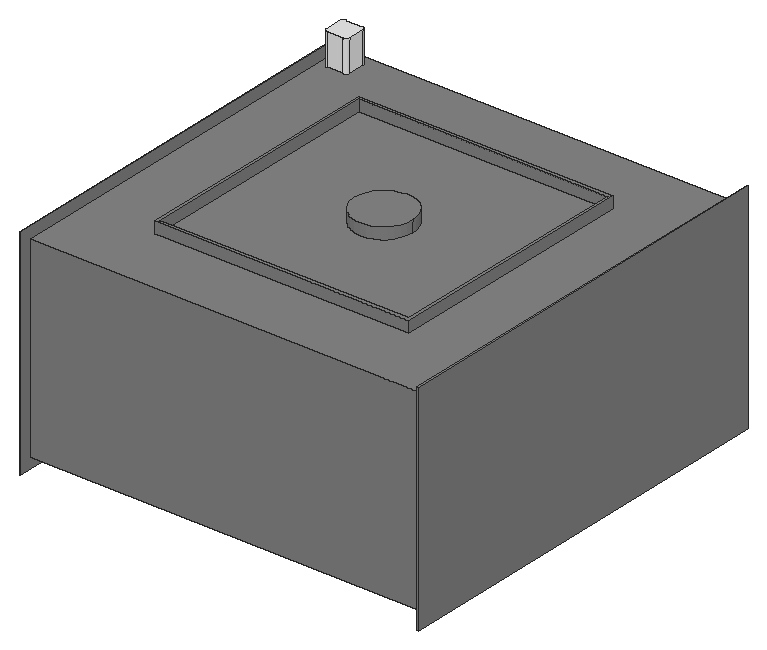
Revit family "НЕВАТОМ_Вентилятор VKPN EC, версия 1", category Оборудование, Revit 2017
Family settings
  Размер круглого соединителя = Использовать диаметр
  Тип детали = Вставляется
  На основе рабочей плоскости = Нет
  Всегда вертикально = Да
  При загрузке вырезать с полостями = Нет
  Общий = Нет
  Точка расчета площади = Нет
Parameters (values of type "VKPN EC 1000-500/56-8D")
  Полное давление = 1110.0 Pa
  Материал = Сталь серая
  Крышка = СВМПЭ, белый
  Коэффициент расхода = 1  # constant formula
  Ключевая пометка = "Вентиляция"
  Nevatom_URL = "https://t.me/NEVATOM_Bim_bot"
  L = 1020 mm
  H = 609 mm
  F = 557 mm
  E = 1054 mm
  B = 500 mm
  ADSK_Частота вращения вентилятора = 1830
  ADSK_Ток = 5.5 A
  ADSK_Расход воздуха = 12900.0 m³/h
  ADSK_Размер_Ширина = L  # 1020 mm
  ADSK_Размер_Длина = E  # 1054 mm
  ADSK_Размер_Высота = H  # 609 mm
  ADSK_Примечание = ""
  ADSK_Полная мощность = 3.53 kW
  ADSK_Позиция = ""
  ADSK_Напряжение = 380 V
  ADSK_Наименование = "Вентилятор канальный прямоугольный с назад загнутыми лопатками"  # constant formula
  ADSK_Материал наименование = "Оцинкованная сталь"  # constant formula
  ADSK_Масса_Текст = "73.3"
  ADSK_Масса = 66.5
  ADSK_Марка = "VKPN EC 1000-500/56-8D"
  ADSK_Количество = 1  # constant formula
  ADSK_Код изделия = ""
  ADSK_Завод-изготовитель = "НЕВАТОМ"  # constant formula
  ADSK_Единица измерения = "шт."  # constant formula
  A = 1000 mm
  2 = 0.15 * A  # 150 mm
  1 = 0.65 * A  # 650 mm
Types (12, lengths in mm): name | Полное давление | L | H | F | E | B | ADSK_Частота вращения вентилятора | ADSK_Ток | ADSK_Расход воздуха | ADSK_Размер_Ширина | ADSK_Размер_Длина | ADSK_Размер_Высота | ADSK_Полная мощность | ADSK_Напряжение | ADSK_Масса_Текст | ADSK_Масса | ADSK_Марка | A | 2 | 1
  VKPN EC 400-200/22-6E | 640.0 Pa | 450 | 283 | 263 | 446 | 200 | 3350 | 1.3 A | 1140.0 m³/h | 450 | 446 | 283 | 0.18 kW | 230 V | "11.06 кг" | 11.06 | "VKPN EC 400-200/22-6E" | 400 | 60 | 260
  VKPN EC 800-500/56-8D | 1110.0 Pa | 830 | 609 | 557 | 854 | 500 | 1830 | 5.5 A | 12900.0 m³/h | 830 | 854 | 609 | 3.53 kW | 380 V | "62.3 кг" | 62.3 | "VKPN EC 800-500/56-8D" | 800 | 120 | 520
  VKPN EC 500-250/25-2E | 530.0 Pa | 490 | 333 | 313 | 546 | 250 | 2800 | 1.8 A | 1380.0 m³/h | 490 | 546 | 333 | 0.27 kW | 230 V | "14.77" | 14.77 | "VKPN EC 500-250/25-2E" | 500 | 75 | 325
  VKPN EC 500-300/25-6E | 845.0 Pa | 530 | 389 | 363 | 546 | 300 | 3100 | 2.38 A | 3050.0 m³/h | 530 | 546 | 389 | 0.54 kW | 230 V | "18.1 кг" | 18.1 | "VKPN EC 500-300/25-6E" | 500 | 75 | 325
  VKPN EC 600-300/25-6E | 830.0 Pa | 640 | 389 | 363 | 646 | 300 | 3100 | 2.38 A | 2900.0 m³/h | 640 | 646 | 389 | 0.54 kW | 230 V | "21.7 кг" | 21.7 | "VKPN EC 600-300/25-6E" | 600 | 90 | 390
  VKPN EC  600-300/28-6D | 1170.0 Pa | 640 | 406 | 363 | 646 | 300 | 3270 | 1.86 A | 3980.0 m³/h | 640 | 646 | 406 | 1.14 kW | 380 V | "21.7 кг" | 21.7 | "VKPN EC 600-300/28-6D" | 600 | 90 | 390
  VKPN EC 600-350/28-6D | 1225.0 Pa | 705 | 456 | 413 | 646 | 350 | 3270 | 1.86 A | 4350.0 m³/h | 705 | 646 | 456 | 1.14 kW | 380 V | "28.2 кг" | 28.2 | "VKPN EC 600-350/28-6D" | 600 | 90 | 390
  VKPN EC 700-400/35-8D | 1050.0 Pa | 787 | 487 | 457 | 754 | 400 | 2530 | 2.7 A | 6500.0 m³/h | 787 | 754 | 487 | 1.7 kW | 380 V | "42.8 кг" | 42.8 | "VKPN EC 700-400/35-8D" | 700 | 105 | 455
  VKPN EC 700-400/28-6D | 1130.0 Pa | 787 | 505 | 457 | 754 | 400 | 3270 | 1.86 A | 4480.0 m³/h | 787 | 754 | 505 | 1.14 kW | 380 V | "44.6 кг" | 42.8 | "VKPN EC 700-400/28-6D" | 700 | 105 | 455
  VKPN EC 900-500/56-8D | 1110.0 Pa | 830 | 609 | 557 | 954 | 500 | 1830 | 5.5 A | 12900.0 m³/h | 830 | 954 | 609 | 3.53 kW | 380 V | "66.5 кг" | 66.5 | "VKPN EC 900-500/56-8D" | 900 | 135 | 585
  VKPN EC 600-350/35-8D | 920.0 Pa | 705 | 448 | 413 | 646 | 350 | 2200 | 1.8 A | 5850.0 m³/h | 705 | 646 | 448 | 1.1 kW | 380 V | "28.2 кг" | 28.2 | "VKPN EC 600-350/35-8D" | 600 | 90 | 390
  VKPN EC 1000-500/56-8D | 1110.0 Pa | 1020 | 609 | 557 | 1054 | 500 | 1830 | 5.5 A | 12900.0 m³/h | 1020 | 1054 | 609 | 3.53 kW | 380 V | "73.3" | 66.5 | "VKPN EC 1000-500/56-8D" | 1000 | 150 | 650
Reference planes
  plane 1 "По центру (Вперед/Назад)": y = 0
  plane 2: z = 0
  plane 3 "По центру (Влево/Вправо)": x = 0
  plane 4: y = 500
  plane 5: y = -527
  plane 6: y = 527
  plane 7: y = -500
  plane 8: z = 278.5
  plane 9: z = 250
  plane 10: z = -278.5
  plane 11: z = -250
  plane 12: x = -510
  plane 13: x = 510
  plane 14: x = -490
  plane 15: x = -507
  plane 16: x = 507
  plane 17: x = -325
  plane 18: x = 325
  plane 19: y = 325
  plane 20: y = -325
  plane 21: x = -318
  plane 22: x = 318
  plane 23: y = 318
  plane 24: y = -318
  plane 25: z = 330.5
  plane 26: y = 480
  plane 27: y = 420
  plane 28: x = -430
Forms (mm)
  Extrusion 1, void, not visible
    sketch origin (-345, -245, 50) x (0, -1, 0) y (0, 0, -1)
      loop
        line (-477.965, -475) -> (-477.965, -450) -> (-528.913, -450) -> (-528.913, -475) -> (-477.965, -475)
    from -47.452 to 12
  Extrusion 2, solid, material "Сталь серая" <- "Материал", detail levels medium+fine
    sketch origin (0, 0, 0) x (0, 1, 0) y (0, 0, 1)
      loop
        line (527, 278.5) -> (-527, 278.5) -> (-527, -278.5) -> (527, -278.5) -> (527, 278.5)
    from 507 to 510
  Extrusion 3, solid, material "Сталь серая" <- "Материал", detail levels medium+fine
    sketch origin (0, 0, 0) x (0, 1, 0) y (0, 0, -1)
      loop
        line (500, -250) -> (500, 250) -> (-500, 250) -> (-500, -250) -> (500, -250)
    from -510 to 510
  Extrusion 4, solid, material "Сталь серая" <- "Материал", detail levels medium+fine
    sketch origin (0, 0, 0) x (0, 1, 0) y (0, 0, -1)
      loop
        line (527, -278.5) -> (527, 278.5) -> (-527, 278.5) -> (-527, -278.5) -> (527, -278.5)
    from 507 to 510
  Extrusion 5, solid, material "Сталь серая" <- "Материал", detail levels medium+fine
    sketch origin (0, 0, 0) x (1, 0, 0) y (0, 1, 0)
      loop
        line (-318, 318) -> (-318, -318) -> (318, -318) -> (318, 318) -> (-318, 318)
      loop
        line (325, -325) -> (325, 325) -> (-325, 325) -> (-325, -325) -> (325, -325)
    from 250 to 278.5
  Extrusion 6, solid, material "Сталь серая" <- "Материал", detail levels medium+fine
    sketch origin (0, 0, 0) x (1, 0, 0) y (0, 1, 0)
      loop
        circle (0, 0) r 75
    from 250 to 278.5
  Extrusion 7, solid, material "СВМПЭ, белый" <- "Крышка", detail levels medium+fine
    sketch origin (0, 0, 0) x (1, 0, 0) y (0, 1, 0)
      loop
        arc (-480, 480) -> (-487.071, 477.071) -> (-490, 470) r 10
        line (-490, 470) -> (-490, 430)
        arc (-490, 430) -> (-487.071, 422.929) -> (-480, 420) r 10
        line (-480, 420) -> (-440, 420)
        arc (-440, 420) -> (-432.929, 422.929) -> (-430, 430) r 10
        line (-430, 430) -> (-430, 470)
        arc (-430, 470) -> (-432.929, 477.071) -> (-440, 480) r 10
        line (-440, 480) -> (-480, 480)
    from 250 to 330.5
Cuts and joins
  joined: Extrusion 2, Extrusion 3, Extrusion 4
Lines and regions (mm)
  model lines, not visible, detail levels coarse
    curve 1: circle (0, 0, 0) r 135 normal (0, 0, 1)
    curve 2: line (-135, 0, 0) -> (43.681, 127.738, 0)
    curve 3: line (-135, 0, 0) -> (43.681, -127.738, 0)
    curve 4: line (43.681, 127.738, 0) -> (43.681, -127.738, 0)
  model lines, not visible, detail levels medium
    curve 5: circle (0, 0, 0) r 90 normal (0, -1, 0)
    curve 6: line (-90, 0, 0) -> (39.046, 0, 81.089)
    curve 7: line (-90, 0, 0) -> (39.046, 0, -81.089)
    curve 8: line (39.046, 0, 81.089) -> (39.046, 0, -81.089)
Dimensions and locks
  equal spacing: plane 4, plane 1 "По центру (Вперед/Назад)", plane 7
  "A": plane 4 to plane 7
  equal spacing: plane 6, plane 1 "По центру (Вперед/Назад)", plane 5
  "E": plane 6 to plane 5
  equal spacing: plane 11, level, plane 9
  equal spacing: plane 10, level, plane 8
  "B": plane 11 to plane 9
  "F": plane 10 to plane 8
  equal spacing: plane 12, plane 3 "По центру (Влево/Вправо)", plane 13
  "L": plane 12 to plane 13
  locked: plane 12 to plane 14 at 20
  locked: plane 12 to plane 15 at 3
  locked: plane 16 to plane 13 at 3
  equal spacing: plane 19, plane 1 "По центру (Вперед/Назад)", plane 20
  "1": plane 19 to plane 20
  equal spacing: plane 17, plane 3 "По центру (Влево/Вправо)", plane 18
  "1": plane 17 to plane 18
  locked: plane 24 to plane 20 at 7
  locked: plane 19 to plane 23 at 7
  locked: plane 17 to plane 21 at 7
  locked: plane 22 to plane 18 at 7
  "H": plane 25 to plane 10
  locked: plane 26 to plane 4 at 20
  locked: plane 26 to plane 27 at 60
  locked: plane 14 to plane 28 at 60
  "2": diameter of Extrusion 6 sketch curve
  aligned and locked: level to plane 2
  aligned and locked: plane 8 to Extrusion 2 sketch curve
  aligned and locked: plane 6 to Extrusion 2 sketch curve
  aligned and locked: plane 10 to Extrusion 2 sketch curve
  aligned and locked: Extrusion 2 sketch curve to plane 5
  aligned and locked: Extrusion 2 to plane 13
  aligned and locked: Extrusion 3 to Extrusion 4
  aligned and locked: Extrusion 4 to plane 12
  aligned and locked: Extrusion 3 to plane 12
  aligned and locked: Extrusion 2 to plane 16
  aligned and locked: Extrusion 4 to plane 15
  aligned and locked: Extrusion 2 to Extrusion 3
  aligned and locked: Extrusion 5 sketch curve to plane 23
  aligned and locked: Extrusion 5 sketch curve to plane 21
  aligned and locked: plane 24 to Extrusion 5 sketch curve
  aligned and locked: Extrusion 5 sketch curve to plane 22
  aligned and locked: plane 20 to Extrusion 5 sketch curve
  aligned and locked: plane 18 to Extrusion 5 sketch curve
  aligned and locked: Extrusion 5 sketch curve to plane 19
  aligned and locked: plane 17 to Extrusion 5 sketch curve
  aligned and locked: plane 8 to Extrusion 5
  aligned and locked: Extrusion 5 to plane 9
  aligned and locked: plane 8 to Extrusion 6
  aligned and locked: Extrusion 6 to plane 9
  aligned and locked: Extrusion 7 sketch curve to plane 26
  aligned and locked: plane 14 to Extrusion 7 sketch curve
  aligned and locked: plane 27 to Extrusion 7 sketch curve
  aligned and locked: Extrusion 7 sketch curve to plane 28
  aligned and locked: plane 25 to Extrusion 7
  aligned and locked: Extrusion 7 to plane 9
  aligned and locked: nested 2 to plane 1 "По центру (Вперед/Назад)"
  aligned and locked: nested 2 to plane 3 "По центру (Влево/Вправо)"
  aligned and locked: level to nested 2  (x2)
Automatic sketch dimensions
  Extrusion 3 sketch curve to plane 7 = 0 mm
  Extrusion 3 sketch curve to plane 4 = 0 mm
  Extrusion 3 sketch curve to plane 9 = 0 mm
  plane 11 to Extrusion 3 sketch curve = 0 mm
  Extrusion 4 sketch curve to plane 5 = 0 mm
  Extrusion 4 sketch curve to plane 6 = 0 mm
  Extrusion 4 sketch curve to plane 8 = 0 mm
  plane 10 to Extrusion 4 sketch curve = 0 mm
  Extrusion 7 sketch curve to Extrusion 7 sketch curve = 10 mm  (x2)
  Extrusion 7 sketch curve to plane 28 = 10 mm  (x2)
  plane 1 "По центру (Вперед/Назад)" to Extrusion 6 sketch curve = 0 mm
  Extrusion 6 sketch curve to plane 3 "По центру (Влево/Вправо)" = 0 mm
Nested families
  nested 1: "крепление 15мм" at (-330, 229.965, 495), type "крепление 15мм", not visible
  nested 2: "НЕВАТОМ_УгоВентиляторVKP" at (0, 0, 0) x (-1, 0, 0) z (0, 0, 1), A <- "A", L <- "L", type "НЕВАТОМ_УгоВентиляторVKP", detail levels coarse
    with L 1020 mm, D/4 127.5 mm, D 510 mm, A 1000 mm
Connectors
  hvac at (-510, 0, 0), driven by "B", driven by "A", driven by "ADSK_Расход воздуха", driven by "Полное давление"
    settings: on cut or joined group of Extrusion 2, Extrusion 3, Extrusion 4, index 1, duct flow 12900.0 m³/h, flow factor 0, pres drop 1110.0 Pa, loss coef 0, conn angle 0.00°, conn width 1000 mm, conn height 500 mm, conn diameter 609.6 mm, duct sys type 29, conn prof type 1, flow config 2, flow direction 1, loss method 4, conn ref index 2, conn util no, is conn primary yes, conn desc ""
  hvac at (510, 0, 0), driven by "B", driven by "A", driven by "ADSK_Расход воздуха", driven by "Коэффициент расхода"
    settings: on cut or joined group of Extrusion 2, Extrusion 3, Extrusion 4, index 2, duct flow 12900.0 m³/h, flow factor 1, pres drop 0.0 Pa, loss coef 0, conn angle 0.00°, conn width 1000 mm, conn height 500 mm, conn diameter 609.6 mm, duct sys type 29, conn prof type 1, flow config 2, flow direction 2, loss method 0, conn ref index 1, conn util no, is conn primary no, conn desc ""
  electrical at (-460, 450, 330.5), driven by "ADSK_Напряжение", driven by "ADSK_Полная мощность"
    settings: on Extrusion 7, index 3, voltage 380 V, apparent load 0 kW, apparent load phase1 3.53 kW, apparent load phase2 0 kW, apparent load phase3 0 kW, power factor 1, load classification "Двигатель", number of poles 1, system type 31, power factor state 1, is connector primary yes, connector utility no, sub classification motor no, connector description ""
Definition of nested family "крепление 15мм"
  Parameters (values of type "крепление 15мм")
    Материал крепления = none
  Reference planes
    plane 1 "По центру (Вперед/Назад)": y = 0
    plane 2: z = 0
    plane 3 "По центру (Влево/Вправо)": x = 0
  Forms (mm)
    Extrusion 1, solid, material <- "Материал крепления"
      sketch origin (0, 0, 0) x (1, 0, 0) y (0, 1, 0)
        loop
          line (-25, 0) -> (0, 0) -> (0, 18.31) -> (0, 25) -> (-3, 25) -> (-3, 3) -> (-25, 3) -> (-25, 0)
      from 0 to 30
    Extrusion 2, void
      sketch origin (0, 0, 0) x (1, 0, 0) y (0, 1, 0)
        loop
          line (-3, 3) -> (-3, 54.96) -> (-58, 54.96) -> (-58, 3) -> (-3, 3)
      from 0 to 15
  Cuts and joins
    Extrusion 2 cuts Extrusion 1
  Dimensions and locks
    Extrusion 1 sketch curve to Extrusion 1 sketch curve = 3 mm  (x2)
    Extrusion 1 sketch curve to Extrusion 1 sketch curve to plane 3 "По центру (Влево/Вправо)" = 25 mm, 0 mm
    Extrusion 1 sketch curve to Extrusion 1 sketch curve = 25 mm
    aligned and locked: level to plane 2
Definition of nested family "НЕВАТОМ_УгоВентиляторVKP"
  Parameters (values of type "НЕВАТОМ_УгоВентиляторVKP")
    L [instance] = 600 mm
    D/4 [instance] = D / 4  # 75 mm
    D [instance] = L / 2  # 300 mm
    A [instance] = 600 mm
  Reference planes
    plane 1 "По центру (Вперед/Назад)": y = 0
    plane 2: z = 0
    plane 3 "По центру (Влево/Вправо)": x = 0
    plane 4: x = 75
  Lines and regions (mm)
    model lines
      curve 1: line (-300, 300, 0) -> (300, 300, 0)
      curve 2: line (-300, -300, 0) -> (-300, 300, 0)
      curve 3: line (300, -300, 0) -> (-300, -300, 0)
      curve 4: line (300, 300, 0) -> (300, -300, 0)
      curve 5: circle (0, 0, 0) r 150 normal (0, 0, 1)
      curve 6: line (75, 129.904, 0) -> (75, -129.904, 0)
      curve 7: line (75, 129.904, 0) -> (-150, 0, 0)
      curve 8: line (75, -129.904, 0) -> (-150, 0, 0)
  Dimensions and locks
    equal spacing: curve 2, plane 3 "По центру (Влево/Вправо)", curve 4
    equal spacing: curve 3, plane 1 "По центру (Вперед/Назад)", curve 1
    "A": curve 1 to curve 3
    "L": curve 2 to curve 4
    "D/4": plane 3 "По центру (Влево/Вправо)" to plane 4
    "D": diameter of curve 5
    aligned and locked: level to plane 2
  Automatic sketch dimensions
    plane 1 "По центру (Вперед/Назад)" to curve 8 = 0 mm
    plane 1 "По центру (Вперед/Назад)" to curve 5 = 0 mm
    curve 5 to plane 3 "По центру (Влево/Вправо)" = 0 mm
    curve 8 to plane 4 = 0 mm
